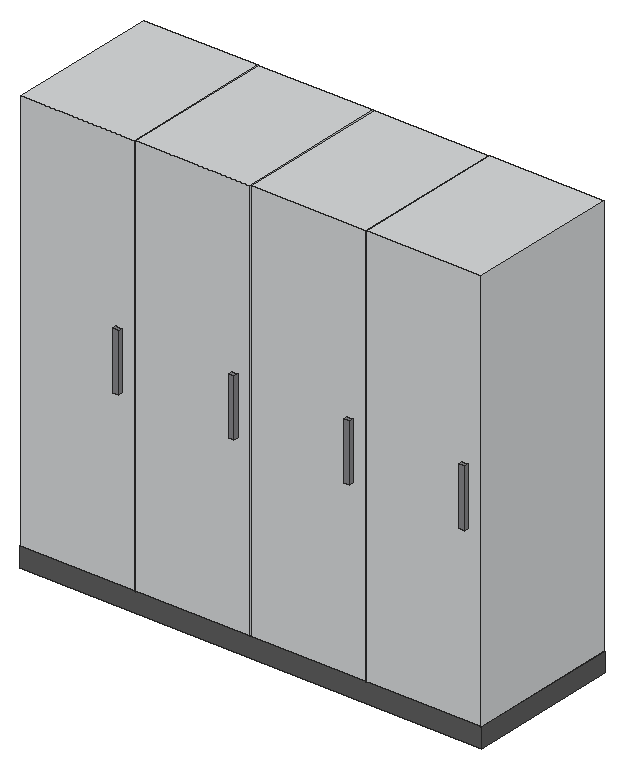
Revit family "LVMDP Switchboard 4 Cubicle", category Electrical Equipment, Revit 2025
Family settings
  Panel Configuration = Two Columns, Circuits Across
  Round Connector Dimension = Use Diameter
  Part Type = Panelboard
  OmniClass Number = 23.80.30.11.17
  OmniClass Title = Distribution Boards and Control Panels
  Work Plane-Based = No
  Always vertical = Yes
  Cut with Voids When Loaded = No
  Maintain Annotation Orientation = No
  Shared = No
  Room Calculation Point = No
Parameters (values of type "1250A 400V 4P")
  built-in parameter 1140142 [instance] = -1
  built-in parameter 1140140 [instance] = 1 (stored number, unit not read)
  built-in parameter 1155100 [instance] = -1
  Default Elevation = 0 mm
Reference planes
  plane 1 "Center (Front/Back)": y = 0
  plane 2: z = 0
  plane 3 "Center (Left/Right)": x = 0
Forms (mm)
  Extrusion 1, solid, material "Switchboard Plinth - Black"
    sketch origin (0, 0, 0) x (1, 0, 0) y (0, 1, 0)
      loop
        line (-1200, -400) -> (1200, -400) -> (1200, 400) -> (-1200, 400) -> (-1200, -400)
    from 0 to 100
  Extrusion 2, solid, material "Switchboard - Light Grey"
    sketch origin (0, 0, 100) x (1, 0, 0) y (0, 1, 0)
      loop
        line (-1197, -400) -> (-603, -400) -> (-603, 400) -> (-1197, 400) -> (-1197, -400)
    from 0 to 2100
  Extrusion 3, solid, material "Switchboard Door Handle"
    sketch origin (0, 0, 1000) x (1, 0, 0) y (0, 1, 0)
      loop
        line (-700, -420) -> (-670, -420) -> (-670, -400) -> (-700, -400) -> (-700, -420)
    from 0 to 300
  Extrusion 4, solid, material "Switchboard - Light Grey"
    sketch origin (0, 0, 100) x (1, 0, 0) y (0, 1, 0)
      loop
        line (-597, -400) -> (-3, -400) -> (-3, 400) -> (-597, 400) -> (-597, -400)
    from 0 to 2100
  Extrusion 5, solid, material "Switchboard Door Handle"
    sketch origin (0, 0, 1000) x (1, 0, 0) y (0, 1, 0)
      loop
        line (-100, -420) -> (-70, -420) -> (-70, -400) -> (-100, -400) -> (-100, -420)
    from 0 to 300
  Extrusion 6, solid, material "Switchboard - Light Grey"
    sketch origin (0, 0, 100) x (1, 0, 0) y (0, 1, 0)
      loop
        line (3, -400) -> (597, -400) -> (597, 400) -> (3, 400) -> (3, -400)
    from 0 to 2100
  Extrusion 7, solid, material "Switchboard Door Handle"
    sketch origin (0, 0, 1000) x (1, 0, 0) y (0, 1, 0)
      loop
        line (500, -420) -> (530, -420) -> (530, -400) -> (500, -400) -> (500, -420)
    from 0 to 300
  Extrusion 8, solid, material "Switchboard - Light Grey"
    sketch origin (0, 0, 100) x (1, 0, 0) y (0, 1, 0)
      loop
        line (603, -400) -> (1197, -400) -> (1197, 400) -> (603, 400) -> (603, -400)
    from 0 to 2100
  Extrusion 9, solid, material "Switchboard Door Handle"
    sketch origin (0, 0, 1000) x (1, 0, 0) y (0, 1, 0)
      loop
        line (1100, -420) -> (1130, -420) -> (1130, -400) -> (1100, -400) -> (1100, -420)
    from 0 to 300
Dimensions and locks
  aligned and locked: level to plane 2
